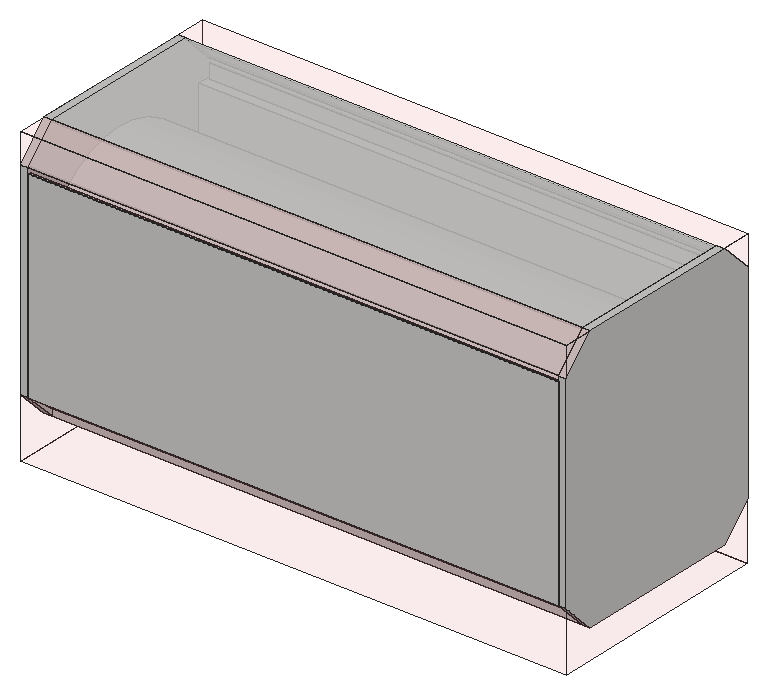
Revit family "Air-Curtain_Climate-Control_PoweredAire_ECE-E", category Mechanical Equipment, host Face, Revit 2022
Family settings
  Host = Face
  Round Connector Dimension = Use Diameter
  Part Type = Normal
  OmniClass Number = 23.75.35.17.21
  OmniClass Title = Air Curtains
  Cut with Voids When Loaded = No
  Maintain Annotation Orientation = No
  Shared = No
  Room Calculation Point = No
Parameters
  Warranty Duration (Years) = 0
  Unit Width Notes = "Other Widths available."  # constant formula
  Unit Width = 3' - 0"
  Unit Weight = 0
  Unit Height = 1' - 3"
  Unit Depth = 1' - 5 1/2"
  URL = "http://www.poweredaire.com/"
  Test Data = ""
  Temperature Rise_Range = "as Specified"
  Standards Conformance = "as Specified"
  Specification = "http://www.arcat.com/sdspecs/htm04/23_34_33pai.htm"
  SpecWizard = ""
  Sound Pressure = "as Specified"
  Sales Information = "http://www.poweredaire.com/contact_us"
  Revision = "R1_2016-08"
  Projection from Host [instance] = 0' - 2"
  Product Properties = ""
  Product Data = "http://www.arcat.com/arcatcos/cos47/arc47623.html"
  Power Rating = 0 W
  Outlet Volume_Range = "as Specified"
  Outlet Velocity_Range = "as Specified"
  Nozzle Width = if(1 = 1, Unit Width - 0' 1", 0' 0")  # 2' - 11"
  Mounting Width = if(1 = 1, Unit Width - 0' 0 15/16", 0' 0")  # 2' - 11 1/16"
  Mounting Height [instance] = 3' - 6"
  Motor RPM = 0
  Motor HP = 0
  Motor Count = 0
  Model = "As Specified"
  Max Height = 0' - 0"
  Manufacturer Website = "http://www.poweredaire.com/"
  Manufacturer Phone - Toll Free = "888-321-2473"
  Manufacturer Phone = "724-588-3305"
  Manufacturer Fax = "724-588-3371"
  Manufacturer Address = "109 Mortensen Rd.  Greenville, PA 16125"
  Manufacturer = "Powered Aire, Inc"
  Maintenance Schedule (Months) = 0
  Keynote = "23 34 33"
  Installation-Fabrication = ""
  Installation Phase = ""
  Include Clearance [instance] = yes
  Heating Element Load = 0 W
  HVAC_Temperature Rise [instance] = 0 °F
  HVAC_Outlet Volume [instance] = 0 CFM
  HVAC_Outlet Velocity Uniformity = 0
  HVAC_Outlet Velocity [instance] = 0 FPM
  Green Building-LEED = "http://www.arcat.com/green/clients/leed_data_47623.html"
  Front Grating Material [instance] = Metal - Steel - PoweredAire - Stainless 304 Perforated
  Frame Finish [instance] = Metal - Steel - PoweredAire - Stainless 304
  Expected Lifespan (Years) = 0
  Electrical_Wattage [instance] = Power Rating + Heating Element Load  # 0 W
  Electrical_Voltage [instance] = 0 V
  Electrical_Phase [instance] = 1
  Electrical_Frequency [instance] = 0 Hz
  Electrical_Amperage [instance] = 0 A
  Drawn By = "Sumex Design, Inc. / Robert S. Weygant, CSI, CDT, SCIP"
  Description = "Powered Aire Air Curtain as Specified"
  Default Elevation = 0' - 0"  # constant formula
  Copyright = "©Arcat Inc."
  Construction Details = "http://www.arcat.com/details/powair/prod3336.html"
  Clearance_Top [instance] = 0' - 0"
  Clearance_Side B [instance] = 0' - 0"
  Clearance_Side A [instance] = 0' - 0"
  Clearance_Intake [instance] = 0' - 0"
  Clearance_Bottom [instance] = 0' - 0"
  Clearance Material [instance] = ARCAT Clearance
  Building Codes = ""
  Available Options [instance] = "as Specified"
  Assembly Code = "D3090400"
Reference planes (in)
  plane 1 "Center (Elevation)": y = 0.13818
  plane 2: z = 0
  plane 3 "Center (Left/Right)": x = 0
  plane 4: y = 7.63818
  plane 5: y = -7.36182
  plane 6: x = -18
  plane 7: x = 18
  plane 8: z = 19.5
  plane 9 "FF": y = -41.86182
  plane 10: z = 2
  plane 11: x = 17.5
  plane 12: x = -17.5
  plane 13: y = 7.63818
  plane 14: y = -7.36182
  plane 15: x = -18
  plane 16: x = 18
  plane 17: z = 19.5
Forms (in)
  Extrusion 1, solid, material "Metal - Steel - PoweredAire - Stainless 304" <- "Frame Finish"
    sketch origin (0, 0, 0) x (0, 1, 0) y (0, 0, 1)
      loop
        line (5.69363, 2) -> (7.63818, 3.94454) -> (7.63818, 17.55546) -> (5.69363, 19.5) -> (-5.41728, 19.5) -> (-7.36182, 17.55546) -> (-7.36182, 3.94454) -> (-5.41728, 2) -> (5.69363, 2)
    from 17.5 to 18
  Extrusion 2, solid, material "Metal - Steel - PoweredAire - Stainless 304" <- "Frame Finish"
    sketch origin (0, 0, -0.5) x (0, 1, 0) y (0, 0, 1)
      loop
        circle (0.13818, 10.9739) r 6.25
      loop
        line (6.63818, 16.89427) -> (6.63818, 5.87829) -> (7.33849, 5.87829) -> (7.33849, 16.89427) -> (6.63818, 16.89427)
      loop
        line (-7.02798, 16.76927) -> (-7.02798, 5.75329) -> (-6.36182, 5.75329) -> (-6.36182, 16.76927) -> (-7.02798, 16.76927)
    from -17.5 to 17.5
  Extrusion 3, solid, material "Metal - Steel - PoweredAire - Stainless 304" <- "Frame Finish"
    sketch origin (0, 0, 0) x (0, 1, 0) y (0, 0, -1)
      loop
        line (5.69363, -2) -> (-5.41728, -2) -> (-7.36182, -3.94454) -> (-7.36182, -17.55546) -> (-5.41728, -19.5) -> (5.69363, -19.5) -> (7.63818, -17.55546) -> (7.63818, -3.94454) -> (5.69363, -2)
    from 17.5 to 18
  Extrusion 4, solid, material "Metal - Steel - PoweredAire - Stainless 304" <- "Frame Finish"
    sketch origin (0, 0, 0) x (0, 1, 0) y (0, 0, 1)
      loop
        line (-5.41728, 2) -> (5.69363, 2) -> (7.63818, 3.94454) -> (7.63818, 17.19454) -> (7.51318, 17.19454) -> (7.51318, 3.99632) -> (5.64186, 2.125) -> (-5.29228, 2.125) -> (-5.29228, 4.06954) -> (-7.23682, 4.06954) -> (-7.23682, 17.19454) -> (-7.36182, 17.19454) -> (-7.36182, 3.94454) -> (-5.41728, 3.94454) -> (-5.41728, 2)
      loop
        line (-6.64819, 3.61034) -> (-5.8702, 2.83235) -> (-5.74472, 2.95783) -> (-6.52271, 3.73583) -> (-6.64819, 3.61034)
    from -17.5 to 17.5
  Extrusion 5, solid, material "Metal - Steel - PoweredAire - Stainless 304 Perforated" <- "Front Grating Material"
    sketch origin (0, 0, 0) x (0, 1, 0) y (0, 0, 1)
      loop
        line (-7.36182, 17.19454) -> (-7.23682, 17.19454) -> (-7.23682, 17.50368) -> (-5.3655, 19.375) -> (5.64186, 19.375) -> (7.51318, 17.50368) -> (7.51318, 17.19454) -> (7.63818, 17.19454) -> (7.63818, 17.55546) -> (5.69363, 19.5) -> (-5.41728, 19.5) -> (-7.36182, 17.55546) -> (-7.36182, 17.19454)
    from -17.5 to 17.5
  Extrusion 6, solid, material "ARCAT Clearance" <- "Clearance Material", visible <- "Include Clearance"
    sketch origin (0, 0, 0) x (0, 1, 0) y (0, 0, 1)
      loop
        line (-7.36182, 19.5) -> (-7.36182, 0) -> (7.63818, 0) -> (7.63818, 19.5) -> (-7.36182, 19.5)
    from -18 to 18
Dimensions and locks (in)
  equal spacing: plane 4, plane 1 "Center (Elevation)", plane 5
  "Unit Height": plane 4 to plane 5
  equal spacing: plane 6, plane 3 "Center (Left/Right)", plane 7
  "Unit Width": plane 6 to plane 7
  "Mounting Height": plane 1 "Center (Elevation)" to plane 9 "FF"
  "Projection from Host": plane 10 to level
  "Unit Depth": plane 8 to plane 10
  locked: plane 6 to plane 12 at 0.5
  locked: plane 11 to plane 7 at 0.5
  "Clearance_Side A": plane 7 to plane 16
  "Clearance_Side B": plane 15 to plane 6
  "Clearance_Top": plane 13 to plane 4
  "Clearance_Bottom": plane 5 to plane 14
  "Clearance_Intake": plane 17 to plane 8
  aligned and locked: plane 2 to host face
  aligned and locked: level to host face
  aligned and locked: plane 7 to Extrusion 1
  aligned and locked: Extrusion 1 to plane 11
  aligned and locked: plane 12 to Extrusion 3
  aligned and locked: Extrusion 3 to plane 6
  aligned and locked: Extrusion 2 to plane 12
  aligned and locked: plane 11 to Extrusion 2
  aligned and locked: plane 11 to Extrusion 4
  aligned and locked: Extrusion 4 to plane 12
  aligned and locked: plane 11 to Extrusion 5
  aligned and locked: Extrusion 5 to plane 12
  aligned and locked: Extrusion 6 sketch curve to plane 17
  aligned and locked: plane 14 to Extrusion 6 sketch curve
  aligned and locked: level to Extrusion 6 sketch curve
  aligned and locked: Extrusion 6 sketch curve to plane 13
  aligned and locked: plane 16 to Extrusion 6
  aligned and locked: Extrusion 6 to plane 15
Automatic sketch dimensions
  host sketch curve to host sketch curve = 8' - 0"  (x2)
  Extrusion 1 sketch curve to plane 5 = 0' - 0"
  Extrusion 1 sketch curve to plane 8 = 0' - 0"
  Extrusion 1 sketch curve to plane 10 = 0' - 0"
  Extrusion 1 sketch curve to plane 4 = 0' - 0"
  plane 5 to Extrusion 1 sketch curve = 0' - 1.94454"  (x2)
  Extrusion 1 sketch curve to plane 4 = 0' - 1.94454"  (x2)
  plane 10 to Extrusion 1 sketch curve = 0' - 1.94454"  (x2)
  Extrusion 1 sketch curve to plane 8 = 0' - 1.94454"  (x2)
  Extrusion 2 sketch curve to plane 1 "Center (Elevation)" = 0' - 0"
  plane 5 to Extrusion 2 sketch curve = 0' - 1"
  plane 5 to Extrusion 2 sketch curve = 0' - 0.33384"
  Extrusion 2 sketch curve to plane 4 = 0' - 1"
  Extrusion 2 sketch curve to plane 4 = 0' - 0.29969"
  plane 10 to Extrusion 2 sketch curve = 0' - 3.37829"
  plane 10 to Extrusion 2 sketch curve = 0' - 3.25329"
  Extrusion 2 sketch curve to plane 8 = 0' - 9.0261"
  Extrusion 2 sketch curve to plane 8 = 0' - 3.23073"
  Extrusion 2 sketch curve to plane 8 = 0' - 3.10573"
  Extrusion 3 sketch curve to plane 5 = 0' - 0"
  Extrusion 3 sketch curve to plane 8 = 0' - 0"
  Extrusion 3 sketch curve to plane 10 = 0' - 0"
  Extrusion 3 sketch curve to plane 4 = 0' - 0"
  plane 5 to Extrusion 3 sketch curve = 0' - 1.94454"  (x2)
  Extrusion 3 sketch curve to plane 4 = 0' - 1.94454"  (x2)
  Extrusion 3 sketch curve to plane 8 = 0' - 1.94454"  (x2)
  plane 10 to Extrusion 3 sketch curve = 0' - 1.94454"  (x2)
  Extrusion 4 sketch curve to plane 5 = 0' - 0"
  Extrusion 4 sketch curve to plane 10 = 0' - 0"
  Extrusion 4 sketch curve to plane 4 = 0' - 0"
  plane 5 to Extrusion 4 sketch curve = 0' - 0 1/8"
  plane 5 to Extrusion 4 sketch curve = 0' - 0.71363"
  Extrusion 4 sketch curve to Extrusion 4 sketch curve = 0' - 0.12548"  (x2)
  Extrusion 4 sketch curve to Extrusion 4 sketch curve = 0' - 0.778"
  Extrusion 4 sketch curve to Extrusion 4 sketch curve = 0' - 0.32744"
  Extrusion 4 sketch curve to Extrusion 4 sketch curve = 0' - 0 1/8"  (x2)
  plane 10 to Extrusion 4 sketch curve = 0' - 0 1/8"
  Extrusion 4 sketch curve to plane 4 = 0' - 1.99632"
  Extrusion 4 sketch curve to Extrusion 4 sketch curve = 0' - 0.05178"  (x2)
  plane 10 to Extrusion 4 sketch curve = 0' - 0.83235"
  plane 10 to Extrusion 4 sketch curve = 0' - 1.94454"
  Extrusion 4 sketch curve to Extrusion 4 sketch curve = 0' - 0.3342"
  Extrusion 4 sketch curve to plane 4 = 0' - 0 1/8"
  Extrusion 4 sketch curve to plane 8 = 0' - 2.30546"  (x2)
  Extrusion 5 sketch curve to plane 5 = 0' - 0"
  Extrusion 5 sketch curve to plane 8 = 0' - 0"
  Extrusion 5 sketch curve to plane 4 = 0' - 0"
  plane 5 to Extrusion 5 sketch curve = 0' - 0 1/8"
  plane 5 to Extrusion 5 sketch curve = 0' - 1.94454"
  Extrusion 5 sketch curve to plane 8 = 0' - 0 1/8"
  Extrusion 5 sketch curve to Extrusion 5 sketch curve = 0' - 0.05178"  (x4)
  Extrusion 5 sketch curve to plane 4 = 0' - 1.99632"
  Extrusion 5 sketch curve to plane 8 = 0' - 1.94454"  (x2)
  Extrusion 5 sketch curve to Extrusion 5 sketch curve = 0' - 0 1/8"
  Extrusion 5 sketch curve to Extrusion 5 sketch curve = 0' - 0.30914"  (x2)
  radius of Extrusion 2 sketch curve = 0' - 6 1/4"
Connectors (in)
  electrical at (0, 7.63818, 10.56954), driven by "Electrical_Phase", driven by "Electrical_Voltage"
    settings: on Extrusion 4, index 1, voltage 0 V, apparent load 0 VA, apparent load phase1 0 VA, apparent load phase2 0 VA, apparent load phase3 0 VA, power factor 1, load classification "Motor", number of poles 1, system type 31, power factor state 1, is connector primary yes, connector utility no, sub classification motor no, connector description ""
